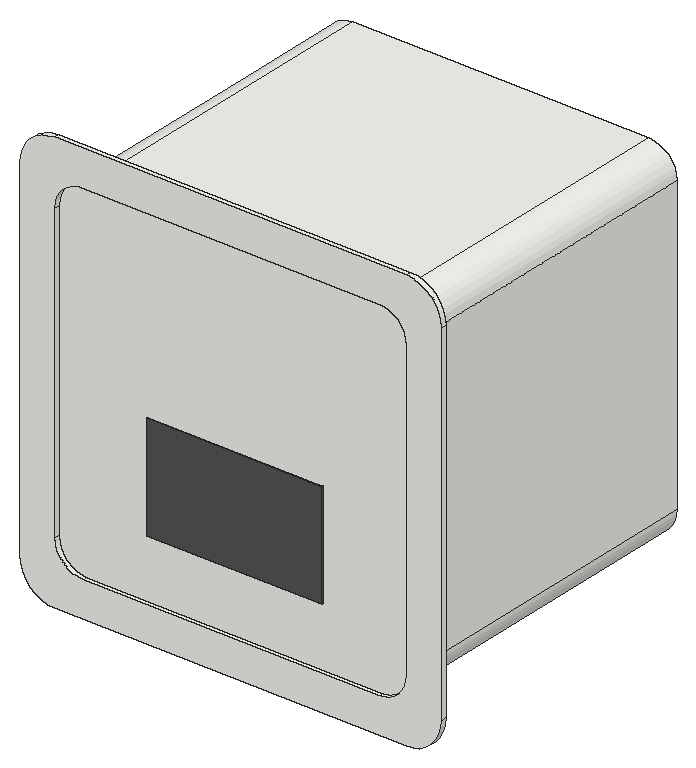
Revit family "DAUF0001", category Generic Models, Revit 2017
Family settings
  Can host rebar = No
  Round Connector Dimension = Use Diameter
  Part Type = Normal
  Work Plane-Based = Yes
  Always vertical = Yes
  Cut with Voids When Loaded = No
  Shared = No
  Room Calculation Point = No
Parameters
  Website = "https://dolphy.in/"  # constant formula
  Default Elevation = 0 mm
  Contact Number = "+91 9520202035"  # constant formula
  Contact Email = "info@dolphy.in"  # constant formula
  Company Name = "Dolphy India"  # constant formula
Reference planes
  plane 1 "Center (Front/Back)": y = 0
  plane 2: z = 0
  plane 3 "Center (Left/Right)": x = 0
  plane 4: x = -60
  plane 5: x = 60
  plane 6: y = 1.383
  plane 7: y = 96
Forms (mm)
  Extrusion 1, solid, material "Silver"
    sketch origin (0, 0, -3.964) x (1, 0, 0) y (0, 0, 1)
      loop
        arc (-50, 123.964) -> (-57.071, 121.035) -> (-60, 113.964) r 10
        line (-60, 113.964) -> (-60, 13.964)
        arc (-60, 13.964) -> (-57.071, 6.893) -> (-50, 3.964) r 10
        line (-50, 3.964) -> (50, 3.964)
        arc (50, 3.964) -> (57.071, 6.893) -> (60, 13.964) r 10
        line (60, 13.964) -> (60, 113.964)
        arc (60, 113.964) -> (57.071, 121.035) -> (50, 123.964) r 10
        line (50, 123.964) -> (-50, 123.964)
      loop
        line (-50, 105.964) -> (-50, 21.964)
        arc (-50, 21.964) -> (-47.657, 16.307) -> (-42, 13.964) r 8
        line (-42, 13.964) -> (42, 13.964)
        arc (42, 13.964) -> (47.657, 16.307) -> (50, 21.964) r 8
        line (50, 21.964) -> (50, 105.964)
        arc (50, 105.964) -> (47.657, 111.62) -> (42, 113.964) r 8
        line (42, 113.964) -> (-42, 113.964)
        arc (-42, 113.964) -> (-47.657, 111.62) -> (-50, 105.964) r 8
    from 0 to -1.383
  Extrusion 2, solid, material "Silver"
    sketch origin (0, 0, -1050) x (1, 0, 0) y (0, 0, 1)
      loop
        line (42, 1160) -> (-42, 1160)
        arc (-42, 1160) -> (-47.657, 1157.657) -> (-50, 1152) r 8
        line (-50, 1152) -> (-50, 1068)
        arc (-50, 1068) -> (-47.657, 1062.343) -> (-42, 1060) r 8
        line (-42, 1060) -> (42, 1060)
        arc (42, 1060) -> (47.657, 1062.343) -> (50, 1068) r 8
        line (50, 1068) -> (50, 1152)
        arc (50, 1152) -> (47.657, 1157.657) -> (42, 1160) r 8
    from -1.383 to -96
  Extrusion 3, solid, material "BLACK"
    sketch origin (0, 0, 0) x (1, 0, 0) y (0, 0, 1)
      loop
        line (-24.66, 56.875) -> (-24.66, 26.875) -> (25, 26.875) -> (25, 56.875) -> (-24.66, 56.875)
    from -1.383 to -1.051
Dimensions and locks
  plane 3 "Center (Left/Right)" to plane 4 = 60 mm
  plane 5 to plane 3 "Center (Left/Right)" = 60 mm
  plane 1 "Center (Front/Back)" to plane 6 = 1.383 mm
  plane 6 to plane 7 = 94.617 mm
  aligned and locked: level to plane 2
  aligned and locked: plane 4 to Extrusion 1 sketch curve
  aligned and locked: plane 6 to Extrusion 1
  aligned and locked: plane 1 "Center (Front/Back)" to Extrusion 1
  aligned and locked: Extrusion 2 to plane 6
  aligned and locked: Extrusion 1 to level
  aligned and locked: plane 7 to Extrusion 2
